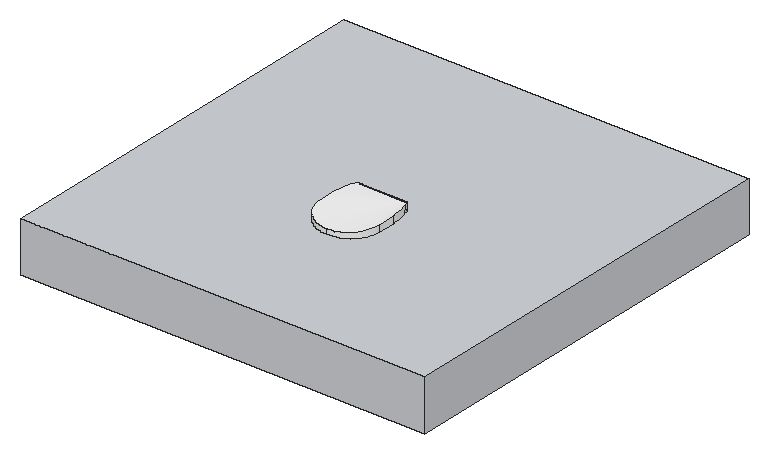
Revit family "IS_Connect_Multiproduct_BIM_NL_E7127;E7128", category Plumbing Fixtures, host Face, Revit 2014
Parameters (values of type "E712801 - CONNECT ZITTING & DEKSEL NORMAL CLOSE")
  WaterEfficientProduct = no
  WarrantyStartDate [instance] = "1900-12-31T23:59:59"
  WarrantyGuarantorParts = Manufacturer  # "idealstandard.nl@idealstandard.com"
  WarrantyGuarantorLabor = "n/a"
  WarrantyDurationUnit = "jaar"
  WarrantyDurationParts = "5"
  WarrantyDurationLabor = "n/a"
  WarrantyDescription = "Fabrieksgarantie"
  WRAS = no
  WFU = 0
  VolumeUnits = "liter"
  Version = "1"
  URL = "www.idealstandardnederland.nl"
  Type Comments = "n/a"
  ToiletType = "n/a"
  ToiletPanType = "n/a"
  TagNumber [instance] = "n/a"
  SustainabilityPerformance = "n/a"
  SpilloverLevel = 0 mm
  Space = "Internal"
  Size = "368 x 435 x 45 mm"
  Shape = "Gesculptuurd"
  SerialNumber [instance] = "n/a"
  Revision = "n/a"
  ReplacementCost = "n/a"
  ProductInformation = "http://www.idealstandardnederland.nl/product/e712801"
  Phone = "31 (0) 77 355 08 08"
  PanMounting = "n/a"
  PanMaterial = "Duroplast"
  PanColor = "Wit"
  NominalWidth = 367.823 mm
  NominalLength = 435.352 mm
  NominalHeight = 45 mm
  NettWeight = "2.5 kg"
  Name = "WcPans_E712801_IdealStandard"
  NBSTypeID = "n/a"
  NBSReference = "45-35-70/391"
  NBSOfficeMasterTag = "n/a"
  NBSNote = "n/a"
  NBSDescription = "WC seats and covers"
  NBSCertification = "n/a"
  ModelReference = Description  # "Connect zitting en deksel, duroplast, RVS scharnieren."
  ModelNumber = Model  # "E712801"
  Model = "E712801"
  ManufacturerURL = "www.idealstandardnederland.nl"
  Manufacturer = "idealstandard.nl@idealstandard.com"
  LinearUnits = "millimeters"
  Keynote = "n/a"
  InstallationInstructions = "http://www.idealstandardnederland.nl/product/k813401"
  InstallationDate [instance] = "1900-12-31T23:59:59"
  IfcExportType = "Closetzitting"
  IfcExportAs = "IfcSanitaryTerminalType"
  Help = "idealstandard.nl@idealstandard.com"
  HWFU = 0
  GrossWeight = "n/a"
  Grade = "n/a"
  Finish = "Wit"
  Features = "Zitting en deksel, duroplast, RVS scharnieren."
  ExpectedLife = "25"
  ECA = no
  DurationUnit = "jaar"
  DistributedBy = "n/a"
  Description = "Connect zitting en deksel, duroplast, RVS scharnieren."
  Default Elevation = 0 mm
  CurrencyUnit = "n/a"
  CreatedOn = "2016-12-14"
  Cost = 0
  Constituents = "n/a"
  ConnectionType = "Sanitair"
  CodePerformance = "n/a"
  Category = "n/a"
  CWFU = 0
  Brand = "Ideal Standard"
  BarCode = "5017830399391"
  BREEAMApproved = no
  BIMObjectName = "ISI_IdealStandard_WcPans_E712801"
  Author = "Ideal Standard Nederland BV"
  AssetType = "Vast"
  AssetIdentifier [instance] = "n/a"
  Assembly Code = "C1030200"
  AreaUnits = "millimeters"
  AreaMeasurement = "n/a"
  Accessories = "www.idealstandardnederland.nl"
  AccessibilityPerformance = "n/a"
Types (2, lengths in mm): name | ProductInformation | NettWeight | Name | NBSReference | NBSDescription | ModelReference | ModelNumber | Model | Features | Description | BarCode | BIMObjectName
  E712801 - CONNECT ZITTING & DEKSEL NORMAL CLOSE | "http://www.idealstandardnederland.nl/product/e712801" | "2.5 kg" | "WcPans_E712801_IdealStandard" | "45-35-70/391" | "WC seats and covers" | "Connect zitting en deksel, duroplast, RVS scharnieren." | "E712801" | "E712801" | "Zitting en deksel, duroplast, RVS scharnieren." | "Connect zitting en deksel, duroplast, RVS scharnieren." | "5017830399391" | "ISI_IdealStandard_WcPans_E712801"
  E712701 - CONNECT ZITTING & DEKSEL SOFT CLOSE | "http://www.idealstandardnederland.nl/product/e712701" | "3 kg" | "WcPans_E712701_IdealStandard" | "45-30-70/384" | "WC seat" | "Connect zitting en deksel softclosing, duroplast, RVS scharnieren (easy take off)." | "E712701" | "E712701" | "Zitting en deksel softclosing, duroplast, RVS scharnieren (easy take off)." | "Connect zitting en deksel softclosing, duroplast, RVS scharnieren (easy take off)." | "5017830399414" | "ISI_IdealStandard_WcPans_E712701"
Reference planes
  plane 1 "Center (Front/Back)": y = 0
  plane 2: z = 0
  plane 3 "Center (Left/Right)": x = 0
  plane 4: y = 0
  plane 5: z = 0
  plane 6: x = 183.912
  plane 7: x = -183.912
  plane 8: y = -435.352
  plane 9: z = 45
Forms (mm)
  Extrusion 1, solid
    sketch origin (0, 0, 0) x (1, 0, 0) y (0, 1, 0)
      loop
        line (-1219.2, 1219.2) -> (-1219.2, -1219.2) -> (1219.2, -1219.2) -> (1219.2, 1219.2) -> (-1219.2, 1219.2)
    from 0 to -304.8
Dimensions and locks
  "NominalLength": plane 4 to plane 8
  "NominalWidth": plane 7 to plane 6
  "NominalHeight": plane 9 to Extrusion 1
  aligned and locked: plane 2 to Extrusion 1
  aligned and locked: level to Extrusion 1
Automatic sketch dimensions
  Extrusion 1 sketch curve to Extrusion 1 sketch curve = 2438.4 mm  (x2)
Nested families
  nested 1: "e7127_bim" at (0, 0, 0), type "e7127_bim"
Definition of nested family "e7127_bim"
  Parameters (values of type "e7127_bim")
    URL = ""
    Type Comments = ""
    Model = ""
    Manufacturer = ""
    Description = ""
    Cost = 0
  Reference planes
    plane 1: y = 0
    plane 2: z = 0
    plane 3: x = 0
    plane 4: z = 44.45
  Forms (mm)
    Extrusion 1, solid, material "IS_Render_Material_Duroplast_White"
      sketch origin (0, 0, 0) x (1, 0, 0) y (0, 1, 0)
        loop
          spline (182.638, -160.17) -> (181.98, -150.028) -> (181.181, -140.334) -> (180.236, -130.925) -> (179.134, -121.631) -> (177.874, -112.368) -> (176.458, -103.102) -> (174.886, -93.818) -> (173.145, -84.466) -> (171.217, -75.047) -> (169.086, -65.633) -> (166.75, -56.356) -> (164.209, -47.363)
          spline (164.209, -47.363) -> (163.545, -44.974) -> (162.83, -42.604) -> (162.065, -40.254) -> (161.249, -37.926) -> (160.384, -35.622) -> (159.469, -33.343) -> (158.506, -31.09) -> (157.496, -28.865) -> (156.438, -26.671) -> (155.334, -24.507) -> (154.184, -22.376) -> (152.99, -20.279)
          spline (152.99, -20.279) -> (152.259, -19.095) -> (151.501, -17.937) -> (150.708, -16.812) -> (149.881, -15.72) -> (149.022, -14.664) -> (148.131, -13.644) -> (147.209, -12.662) -> (146.259, -11.719) -> (145.281, -10.817) -> (144.276, -9.957) -> (143.246, -9.14) -> (142.192, -8.367)
          spline (142.192, -8.367) -> (140.997, -7.528) -> (139.777, -6.727) -> (138.533, -5.962) -> (137.266, -5.236) -> (135.977, -4.548) -> (134.668, -3.9) -> (133.34, -3.292) -> (131.994, -2.725) -> (130.631, -2.199) -> (129.253, -1.714) -> (127.861, -1.272) -> (126.456, -0.872)
          line (126.456, -0.872) -> (122.515, 0) -> (0, 0) -> (-122.515, 0) -> (-126.456, -0.872)
          spline (-126.456, -0.872) -> (-127.861, -1.272) -> (-129.253, -1.714) -> (-130.631, -2.199) -> (-131.994, -2.725) -> (-133.34, -3.292) -> (-134.668, -3.9) -> (-135.977, -4.548) -> (-137.266, -5.236) -> (-138.533, -5.962) -> (-139.777, -6.727) -> (-140.997, -7.528) -> (-142.192, -8.367)
          spline (-142.192, -8.367) -> (-143.246, -9.14) -> (-144.276, -9.957) -> (-145.281, -10.817) -> (-146.259, -11.719) -> (-147.209, -12.662) -> (-148.131, -13.644) -> (-149.022, -14.664) -> (-149.881, -15.72) -> (-150.708, -16.812) -> (-151.501, -17.937) -> (-152.259, -19.095) -> (-152.982, -20.284)
          spline (-152.982, -20.284) -> (-154.184, -22.376) -> (-155.334, -24.507) -> (-156.438, -26.671) -> (-157.496, -28.865) -> (-158.506, -31.09) -> (-159.469, -33.343) -> (-160.384, -35.622) -> (-161.249, -37.926) -> (-162.065, -40.254) -> (-162.83, -42.604) -> (-163.545, -44.974) -> (-164.209, -47.363)
          spline (-164.209, -47.363) -> (-166.75, -56.356) -> (-169.086, -65.633) -> (-171.217, -75.047) -> (-173.145, -84.466) -> (-174.886, -93.818) -> (-176.458, -103.102) -> (-177.874, -112.368) -> (-179.134, -121.631) -> (-180.236, -130.925) -> (-181.181, -140.334) -> (-181.98, -150.028) -> (-182.638, -160.17)
          arc (-182.638, -160.17) -> (-183.895, -212.089) -> (-182.005, -263.989) r 857.436
          spline (-182.005, -263.989) -> (-179.259, -286.089) -> (-174.149, -309.218) -> (-166.353, -331.12) -> (-155.684, -351.631) -> (-142.316, -370.501) -> (-126.535, -387.378) -> (-108.681, -402.035) -> (-89.067, -414.244) -> (-68.002, -423.72) -> (-45.877, -430.347) -> (-23.108, -434.196) -> (0, -435.412)
          spline (0, -435.412) -> (23.108, -434.196) -> (45.877, -430.347) -> (68.002, -423.72) -> (89.067, -414.244) -> (108.681, -402.035) -> (126.535, -387.378) -> (142.316, -370.501) -> (155.684, -351.631) -> (166.353, -331.12) -> (174.149, -309.218) -> (179.259, -286.089) -> (182.005, -263.989)
          arc (182.005, -263.989) -> (183.895, -212.089) -> (182.638, -160.17) r 857.436
      from 0 to 44.45
    Extrusion 2, void
      sketch origin (0, -1524, 0) x (0, -1, 0) y (0, 0, 1)
        loop
          line (-1062.048, 25.901) -> (-1062.048, 70.351) -> (-1535.308, 62.09) -> (-1535.308, 17.64)
          spline (-1535.308, 17.64) -> (-1533.525, 17.597) -> (-1531.631, 18.423) -> (-1529.622, 19.963) -> (-1527.496, 22.061) -> (-1525.251, 24.562) -> (-1522.885, 27.312) -> (-1520.395, 30.155) -> (-1517.779, 32.934) -> (-1515.033, 35.497) -> (-1512.157, 37.686) -> (-1509.147, 39.347) -> (-1506.001, 40.324)
          spline (-1506.001, 40.324) -> (-1471.098, 41.166) -> (-1437.199, 41.629) -> (-1403.887, 41.715) -> (-1370.749, 41.428) -> (-1337.368, 40.768) -> (-1303.33, 39.738) -> (-1268.219, 38.34) -> (-1231.621, 36.575) -> (-1193.12, 34.447) -> (-1152.301, 31.958) -> (-1108.749, 29.108) -> (-1062.048, 25.901)
      from -226.98 to 304.8
  Cuts and joins
    Extrusion 2 cuts Extrusion 1
